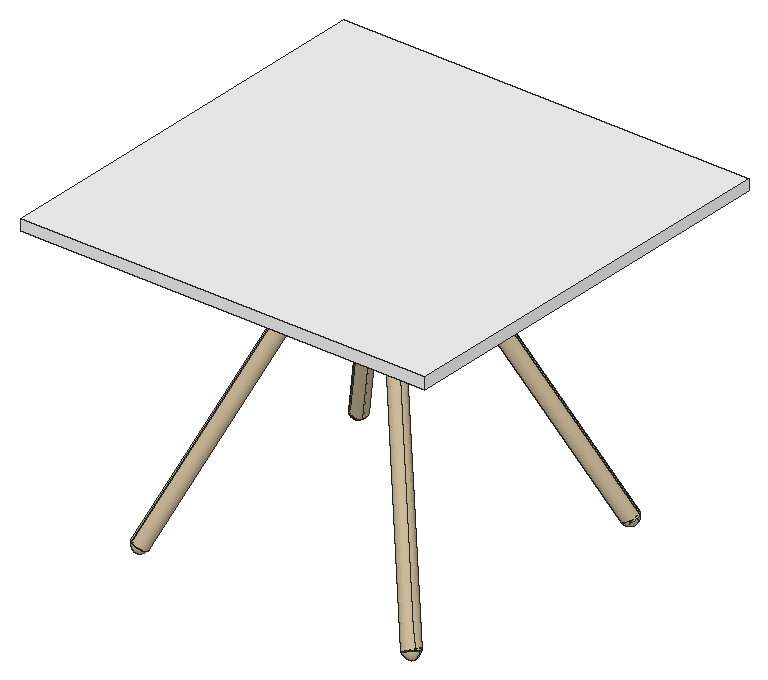
Revit family "Forniture_Tables_Plank_Mart-Table-Square-h73", category Furniture, host Face, Revit 2017
Family settings
  Host = Face
  Cut with Voids When Loaded = No
  Shared = No
  Room Calculation Point = No
Parameters (values of type "Mart Table _ Square - Mod. 9843-01 (100x100cm)")
  Youtube clip = ""
  Weight Net (Kg) = "0"
  Uniformat II Description = "Movable Furnishings"
  Uniformat II Code = "E2020"
  Uniclass 2015 Name = "Furnishings"
  Uniclass 2015 Code = "EF_40_30"
  Uniclass 2.0 Description = "Fittings, Furnishings And Equipment (Ff&E) And Signage Elements"
  Uniclass 2.0 Code = "EE-35"
  Uniclass 1.4 Description = "Furniture/Equipment"
  Uniclass 1.4 Code = "JN"
  URL = "https://www.plank.it/en/"
  UNSPSC Code = "56"
  Technical description = "https://www.plank.it/en/products/tables/mart-table-square/"
  Table top = plank - White plastic
  Table base = Plank-Frassino
  Region South America = "AR, BO, BR, CL, CO, EC, FK, GF, GY, PE, PY, SR, UY, VE"
  Region Oceania = "AS, AU, CK, FJ, FM, GU, KI, MH, MP, NC, NF, NR, NU, NZ, PF, PG, PN, PW, SB, TK, TL, TO, TV, UM, WF, WS, VU"
  Region North America = "AG, AI, AW, BB, BL, BM, BQ, BS, BZ, CA, CR, CU, CW, DM, DO, GD, GL, GP, GT, HN, HT, JM, KN, KY, LC, MF, MQ, MS, MX, NI, PA, PM, PR, SV, SX, TC, TT, US, VC, VG, VI"
  Region Middle East = "AE, AF, BH, EG, IL, IQ, IR, JO, KW, LB, OM, PS, QA, SA, SY, TR, YE"
  Region Europe = "AD, AL, AT, AX, BA, BE, BG, BY, CH, CY, CZ, DE, DK, EE, ES, FI, FO, FR, GB, GG, GI, GR, HR, HU, IE, IM, IS, IT, JE, LI, LT, LU, LV, MC, MD, ME, MK, MT, NL, NO, PL, PT, RO, RS, RU, SE, SI, SJ, SK, SM, UA, VA"
  Region Asia = "AM, AZ, BD, BN, BT, CC, CN, CX, GE, HK, ID, IN, IO, JP, KG, KH, KP, KR, KZ, LA, LK, MM, MN, MO, MV, MY, NP, PH, PK, SG, TH, TJ, TM, TW, UZ, VN"
  Region Antarctica = "AQ, BV, GS, HM, TF"
  Region Africa = "AO, BF, BI, BJ, BW, CD, CF, CG, CI, CM, CV, DJ, DZ, EH, ER, ET, GA, GH, GM, GN, GQ, GW, KE, KM, LR, LS, LY, MA, MG, ML, MR, MU, MW, MZ, NA, NE, NG, RE, RW, SC, SD, SH, SL, SN, SO, SS, ST, SZ, TD, TG, TN, TZ, UG, YT, ZA, ZM, ZW"
  QR code = "http://bimobject.com/plank/product/Mart-Table-Square-h-73"
  Product url = "https://www.plank.it/en/products/tables/mart-table-square/"
  Product group = "Table "
  Product family = "Mart "
  Product data url = "https://bimobject.com/plank/product/Mart-Table-Square-h-73"
  Product certification = ""
  Product SKU = "Mart-Table-Square-h-73"
  Product Guid = "5a9d1df2-c171-46df-b8c9-e14bb9d0ba01"
  OmniClass Description = "Furnishings, Fixtures and Equipment Products"
  OmniClass Code = "23-21 00 00"
  Nominal width = 1000 mm
  Nominal height = 730 mm
  NBS Reference Description = "Fittings, Furnishings And Equipment (Ff&E) Products"
  NBS Reference Code = "31"
  Material secondary = "Laminate"
  Material main = "Aluminium"
  Masterformat 2014 Description = "Furnishings"
  Masterformat 2014 Code = "12 00 00"
  Manufacturer name = "PLANK"
  Manufacturer country = "Italy"
  Installation instructions = ""
  IFC Classification = "Furnishing Element"
  Edition number = 1
  EAN code = ""
  Design country = "Italy"
  Default Elevation = 1219.2 mm
  Manufacturer = "Plank S.r.l.\r\nVia Nazionale, 35\r\nI-39040 Ora (BZ)\r\nTel. +39 0471 803 500\r\nFax +39 0471 803 599"
  Model = "Mart Table _ Square - Mod. 9843-01 (100x100cm)"
  Link model = "https://www.plank.it/en/products/tables/mart-table-square/"
  Date of publishing = ""
  Coupling = plank - White plastic
  COBIe Type Category = ""
  Brand url = "http://www.plank.it"
  BIMobject main category code = "furniture"
  BIMobject main category = "Furniture"
  BIMobject category code = "furniture-tables"
  BIMobject category = "Tables"
Reference planes
  plane 1 "Centro (Fronte/Retro)": y = 0
  plane 2: z = 0
  plane 3 "Centro (Sinistra/Destra)": x = 0
Forms (mm)
  Sweep 1, solid, material "Plank-Frassino" <- "Table base"
    path origin (-7.816, -156.09, 4.673) x (0.858566, 0.512691, 0.0036) y (-0.077961, 0.123609, 0.989264)
      loop
        line (-379.785, 10.696) -> (31.037, 737.642)
    profile origin (-186.698, -199.24, 374.197) x (-0.785819, -0.38553, 0.483585) y (0.506742, -0.849629, 0.146097)
      loop
        circle (0, 0) r 17
      loop
        circle (0, 0) r 20
  Revolve 2, solid, material "Plank-Frassino" <- "Table base"
    sketch origin (-24.284, -409.042, -160.717) x (0.882948, -0.152845, -0.443894) y (0.469472, 0.28746, 0.834843)
      loop
        line (-364.042, -0.301) -> (-364.042, 2.843)
        arc (-364.042, 2.843) -> (-373.278, 9.074) -> (-378.03, 19.151) r 21.014
        line (-378.03, 19.151) -> (-381.07, 19.151)
        arc (-381.07, 19.151) -> (-375.397, 6.938) -> (-364.042, -0.301) r 24.014
      axis (-361.095, 19.151) -> (-361.095, -0.301)
    angle from 0 to 360
  Sweep 3, solid, material "Plank-Frassino" <- "Table base"
    path origin (7.816, -156.09, 4.673) x (-0.858566, 0.512691, 0.0036) y (-0.077961, -0.123609, -0.989264)
      loop
        line (-379.785, -10.696) -> (31.037, -737.642)
    profile origin (186.698, -199.24, 374.197) x (-0.785819, 0.38553, -0.483585) y (-0.506742, -0.849629, 0.146097)
      loop
        circle (0, 0) r 17
      loop
        circle (0, 0) r 20
  Revolve 4, solid, material "Plank-Frassino" <- "Table base"
    sketch origin (24.284, -409.042, -160.717) x (-0.882948, -0.152845, -0.443894) y (0.469472, -0.28746, -0.834843)
      loop
        arc (-364.042, 0.301) -> (-375.397, -6.938) -> (-381.07, -19.151) r 24.014
        line (-381.07, -19.151) -> (-378.03, -19.151)
        arc (-378.03, -19.151) -> (-373.278, -9.074) -> (-364.042, -2.843) r 21.014
        line (-364.042, -2.843) -> (-364.042, 0.301)
      axis (-361.095, -19.151) -> (-361.095, 0.301)
    angle from 0 to 360
  Sweep 5, solid, material "Plank-Frassino" <- "Table base"
    path origin (-8.73, 132.767, 4.673) x (0.858566, -0.512691, 0.0036) y (0.077961, 0.123609, -0.989264)
      loop
        line (-379.785, -10.696) -> (31.037, -737.642)
    profile origin (-187.612, 175.916, 374.197) x (0.785819, -0.38553, -0.483585) y (0.506742, 0.849629, 0.146097)
      loop
        circle (0, 0) r 17
      loop
        circle (0, 0) r 20
  Revolve 6, solid, material "Plank-Frassino" <- "Table base"
    sketch origin (-25.199, 385.719, -160.717) x (0.882948, 0.152845, -0.443894) y (-0.469472, 0.28746, -0.834843)
      loop
        arc (-364.042, 0.301) -> (-375.397, -6.938) -> (-381.07, -19.151) r 24.014
        line (-381.07, -19.151) -> (-378.03, -19.151)
        arc (-378.03, -19.151) -> (-373.278, -9.074) -> (-364.042, -2.843) r 21.014
        line (-364.042, -2.843) -> (-364.042, 0.301)
      axis (-361.095, -19.151) -> (-361.095, 0.301)
    angle from 0 to 360
  Sweep 7, solid, material "Plank-Frassino" <- "Table base"
    path origin (8.73, 132.767, 4.673) x (-0.858566, -0.512691, 0.0036) y (0.077961, -0.123609, 0.989264)
      loop
        line (-379.785, 10.696) -> (31.037, 737.642)
    profile origin (187.612, 175.916, 374.197) x (0.785819, 0.38553, 0.483585) y (-0.506742, 0.849629, 0.146097)
      loop
        circle (0, 0) r 17
      loop
        circle (0, 0) r 20
  Revolve 8, solid, material "Plank-Frassino" <- "Table base"
    sketch origin (25.199, 385.719, -160.717) x (-0.882948, 0.152845, -0.443894) y (-0.469472, -0.28746, 0.834843)
      loop
        line (-364.042, -0.301) -> (-364.042, 2.843)
        arc (-364.042, 2.843) -> (-373.278, 9.074) -> (-378.03, 19.151) r 21.014
        line (-378.03, 19.151) -> (-381.07, 19.151)
        arc (-381.07, 19.151) -> (-375.397, 6.938) -> (-364.042, -0.301) r 24.014
      axis (-361.095, 19.151) -> (-361.095, -0.301)
    angle from 0 to 360
  Sweep 9, solid, material "plank - White plastic" <- "Table top"
    path origin (11.407, -15.59, 564.451) x (1, 0, 0) y (0, 1, 0)
      loop
        line (-114.663, 104.265) -> (101.004, -111.403)
    profile origin (4.577, -19.159, 564.451) x (0.707107, 0.707107, 0) y (0, 0, 1)
      loop
        circle (0, 0) r 17
  Sweep 10, solid, material "plank - White plastic" <- "Table top"
    path origin (-11.407, -15.59, 564.451) x (-1, 0, 0) y (0, -1, 0)
      loop
        line (-114.663, -104.265) -> (101.004, 111.403)
    profile origin (-4.577, -19.159, 564.451) x (0.707107, -0.707107, 0) y (0, 0, 1)
      loop
        circle (0, 0) r 17
  Extrusion 11, solid, material "plank - White plastic" <- "Table top"
    sketch origin (0, 0, 0) x (1, 0, 0) y (0, 1, 0)
      loop
        line (-498.333, 484.695) -> (-498.333, -513.638) -> (498.333, -513.638) -> (498.333, 484.695) -> (-498.333, 484.695)
    from 721.262 to 748.862
  Revolve 12, solid, material "plank - White plastic" <- "Coupling"
    sketch origin (0, 0, 0) x (1, 0, 0) y (0, 0, 1)
      loop
        line (-5.82, 721.262) -> (-139.801, 721.262) -> (-139.801, 716.738) -> (-93.113, 716.738) -> (-50.82, 692.32) -> (-5.82, 692.32) -> (-5.82, 721.262)
      axis (0, 721.262) -> (0, 692.32)
    angle from 0 to 360
Dimensions and locks
  locked: Extrusion 11 to Extrusion 11 at 996.667
  locked: Extrusion 11 to Extrusion 11 at 998.333
  aligned and locked: plane 2 to host face
  aligned and locked: level to host face
